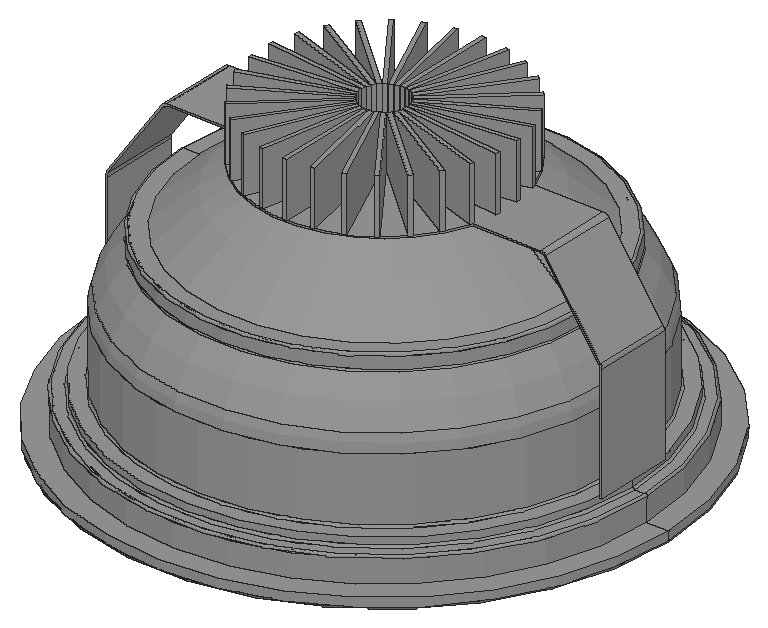
Revit family "ALL3_63_UN_Downlighter_ETK", category Lighting Fixtures, Revit 2017
Family settings
  Round Connector Dimension = Use Diameter
  Part Type = Normal
  OmniClass Number = 23.80.70.11.14.11
  OmniClass Title = Downlights
  Work Plane-Based = No
  Always vertical = Yes
  Cut with Voids When Loaded = No
  Light Source = No
  Shared = No
  Room Calculation Point = Yes
Parameters (values of type "ALL.3100.15 - 28W / 3150lm / 3000K")
  Wattage Comments = "28W"
  Voltage = 230 V
  URL = "https://www.etk.nl/media/wysiwyg/files/ALL.3.pdf"
  Symbol_Waterproof [instance] = no
  Symbol_Emergency Lighting [instance] = no
  Switch Code [instance] = ""
  Model = "ALL.3"
  Manufacturer = "ETK B.V."
  Luminaire_Ring_Material = PPS Plastic
  Luminaire_Body_Material = Aluminum 7175 T73 0 Hot Formed
  Luminaire Code [instance] = ""
  Light Source = ALL.3 - Lightsource : ALL.3100.15 - 28W / 3150lm / 3000K
  Lamp = "LED"
  IfcExportType = "USERDEFINED"
  IfcExportAs = "IfcLightFixtureType"
  Description = "Downlighter"
  Copyright © IVLighting = "www.ivlighting.nl"
  Bundle = "65°"
  Assembly Code = "63.0"
  Apparent Load = 28 VA
Types (17, lengths in mm): name | Wattage Comments | Light Source | Apparent Load
  (no name) | "28W" | ALL.3 - Lightsource : ALL.3100.15 - 28W / 3150lm / 3000K | 28 VA
  ALL.3100.15 - 28W / 3150lm / 3000K | "28W" | ALL.3 - Lightsource : ALL.3100.15 - 28W / 3150lm / 3000K | 28 VA
  ALL.3200.15 - 28W / 3300lm / 4000K | "28W" | ALL.3 - Lightsource : ALL.3200.15 - 28W / 3300lm / 4000K | 28 VA
  ALL.3300.15 - 32W / 3650lm / 3000K | "32W" | ALL.3 - Lightsource : ALL.3300.15 - 32W / 3650lm / 3000K | 32 VA
  ALL.3400.15 - 32W / 3800lm / 3000K | "32W" | ALL.3 - Lightsource : ALL.3400.15 - 32W / 3650lm / 3000K | 32 VA
  ALL.3103.15 - 28W / 3150lm / 3000K | "28W" | ALL.3 - Lightsource : ALL.3103.15 - 28W / 3150lm / 3000K | 28 VA
  ALL.3203.15 - 28W / 3300lm / 4000K | "28W" | ALL.3 - Lightsource : ALL.3203.15 - 28W / 3300lm / 4000K | 28 VA
  ALL.3303.15 - 32W / 3650lm / 3000K | "32W" | ALL.3 - Lightsource : ALL.3303.15 - 32W / 3650lm / 3000K | 32 VA
  ALL.3403.15 - 32W / 3800lm / 3000K | "32W" | ALL.3 - Lightsource : ALL.3403.15 - 32W / 3650lm / 3000K | 32 VA
  ALL.3110.15 - 28W / 3150lm / 3000K | "28W" | ALL.3 - Lightsource : ALL.3110.15 - 28W / 3150lm / 3000K | 28 VA
  ALL.3210.15 - 28W / 3300lm / 4000K | "28W" | ALL.3 - Lightsource : ALL.3210.15 - 28W / 3300lm / 4000K | 28 VA
  ALL.3310.15 - 32W / 3650lm / 3000K | "32W" | ALL.3 - Lightsource : ALL.3310.15 - 32W / 3650lm / 3000K | 32 VA
  ALL.3410.15 - 32W / 3800lm / 3000K | "32W" | ALL.3 - Lightsource : ALL.3410.15 - 32W / 3650lm / 3000K | 32 VA
  ALL.3113.15 - 28W / 3150lm / 3000K | "28W" | ALL.3 - Lightsource : ALL.3113.15 - 28W / 3150lm / 3000K | 28 VA
  ALL.3213.15 - 28W / 3300lm / 4000K | "28W" | ALL.3 - Lightsource : ALL.3213.15 - 28W / 3300lm / 4000K | 28 VA
  ALL.3313.15 - 32W / 3650lm / 3000K | "32W" | ALL.3 - Lightsource : ALL.3313.15 - 32W / 3650lm / 3000K | 32 VA
  ALL.3413.15 - 32W / 3800lm / 3000K | "32W" | ALL.3 - Lightsource : ALL.3413.15 - 32W / 3650lm / 3000K | 32 VA
Reference planes
  plane 1 "Center (Front/Back)": y = 0
  plane 2: z = 0
  plane 3 "Center (Left/Right)": x = 0
Forms (mm)
  Revolve 1, solid, material "PPS Plastic" <- "Luminaire_Ring_Material"
    sketch origin (0, 0, 0) x (1, 0, 0) y (0, 0, 1)
      loop
        line (-132.666, 0) -> (-132.666, -4.099)
        arc (-132.666, -4.099) -> (-132.156, -4.931) -> (-131.236, -5.258) r 1.461
        line (-131.236, -5.258) -> (-121.554, -5.258) -> (-121.554, 0) -> (-132.666, 0)
      axis (0, 0) -> (0, -5.258)
    angle from 0 to 360
  Revolve 2, solid, material "Aluminum 7175 T73 0 Hot Formed" <- "Luminaire_Body_Material"
    sketch origin (0, 0, 0) x (1, 0, 0) y (0, 0, 1)
      loop
        line (-122.495, 0) -> (-121.554, 0) -> (-121.554, 10.593) -> (-114.713, 10.593) -> (-114.713, 14.711) -> (-107.166, 14.711) -> (-107.166, 49.79)
        arc (-107.166, 49.79) -> (-101.579, 62.116) -> (-93.609, 73.052) r 66.418
        line (-93.609, 73.052) -> (-93.609, 79.504) -> (-63.553, 79.504) -> (0, 79.504) -> (0, 80.504) -> (-63.553, 80.504) -> (-93.59, 80.504)
        arc (-93.59, 80.504) -> (-94.311, 80.205) -> (-94.609, 79.484) r 1.02
        line (-94.609, 79.484) -> (-94.609, 73.859)
        arc (-94.609, 73.859) -> (-94.681, 73.463) -> (-94.888, 73.118) r 1.124
        arc (-94.888, 73.118) -> (-101.528, 64.142) -> (-106.596, 54.193) r 67.418
        arc (-106.596, 54.193) -> (-107.77, 50.276) -> (-108.166, 46.205) r 21.103
        line (-108.166, 46.205) -> (-108.166, 16.663)
        arc (-108.166, 16.663) -> (-108.445, 15.989) -> (-109.118, 15.711) r 0.952
        line (-109.118, 15.711) -> (-115.713, 15.711) -> (-115.713, 12.616)
        arc (-115.713, 12.616) -> (-116.012, 11.893) -> (-116.735, 11.593) r 1.022
        line (-116.735, 11.593) -> (-121.45, 11.593)
        arc (-121.45, 11.593) -> (-122.189, 11.287) -> (-122.495, 10.549) r 1.045
        line (-122.495, 10.549) -> (-122.495, 0)
      axis (0, 80.504) -> (0, 0)
    angle from 0 to 360
  Revolve 3, solid, material "Aluminum 7175 T73 0 Hot Formed" <- "Luminaire_Body_Material"
    sketch origin (0, 0, 18.75) x (1, 0, 0) y (0, 0, 1)
      loop
        arc (-46.536, 89.347) -> (-67.697, 77.047) -> (-86.631, 61.535) r 153.298
        line (-86.631, 61.535) -> (0, 61.535) -> (0, 89.347) -> (-46.536, 89.347)
      axis (0, 89.347) -> (0, 61.535)
    angle from 0 to 360
  Extrusion 4, solid, material "Aluminum 7175 T73 0 Hot Formed" <- "Luminaire_Body_Material"
    sketch origin (0, 0, 0) x (1, 0, 0) y (0, 1, 0)
      loop
        circle (0, 0) r 58.042
    from 108.097 to 108.862
  Extrusion 5, solid, material "UHMW, Black"
    sketch origin (0, 0, 216.7) x (-1, 0, 0) y (0, -1, 0)
      loop
        line (-0.938, -10.632) -> (-0.938, -58.031)
        arc (-0.938, -58.031) -> (0, -58.038) -> (0.938, -58.026) r 45
        line (0.938, -58.026) -> (0.938, -10.681)
        arc (0.938, -10.681) -> (0, -10.671) -> (-0.938, -10.632) r 29.304
    from -107.837 to -82.548
  Extrusion 6, solid, material "Aluminum 7175 T73 0 Hot Formed" <- "Luminaire_Body_Material"
    sketch origin (-25, 0, 0.625) x (1, 0, 0) y (0, 0, 1)
      loop
        line (-90.709, 14.711) -> (-89.709, 14.711) -> (-89.709, 68.2)
        arc (-89.709, 68.2) -> (-89.547, 69.256) -> (-89.074, 70.213) r 3.51
        line (-89.074, 70.213) -> (-63.792, 106.32)
        arc (-63.792, 106.32) -> (-62.879, 107.12) -> (-61.7, 107.409) r 2.554
        line (-61.7, 107.409) -> (-23.843, 107.409) -> (-23.843, 108.237) -> (-62.068, 108.237)
        arc (-62.068, 108.237) -> (-63.489, 107.89) -> (-64.589, 106.925) r 3.078
        line (-64.589, 106.925) -> (-90.082, 70.518)
        arc (-90.082, 70.518) -> (-90.549, 69.572) -> (-90.709, 68.529) r 3.468
        line (-90.709, 68.529) -> (-90.709, 14.711)
    from -18.722 to 17.678
  Revolve 7, solid, material "PPS Plastic" <- "Luminaire_Ring_Material"
    sketch origin (0, 0, 0) x (1, 0, 0) y (0, 0, 1)
      loop
        arc (-75.123, 37.812) -> (-99.983, 20.852) -> (-121.572, -0.113) r 175.119
        line (-121.572, -0.113) -> (-121.572, -1.338)
        arc (-121.572, -1.338) -> (-99.943, 19.851) -> (-74.974, 36.978) r 174.319
        line (-74.974, 36.978) -> (0, 36.978) -> (0, 37.812) -> (-75.123, 37.812)
      axis (0, 37.812) -> (0, -1.338)
    angle from 0 to 360
  Revolve 8, solid, material "Glass, White, High Luminance"
    sketch origin (0, 0, 0) x (1, 0, 0) y (0, 0, 1)
      loop
        line (-76.832, 36.069) -> (0, 36.069) -> (0, 36.978) -> (-75.471, 36.978)
        arc (-75.471, 36.978) -> (-76.166, 36.546) -> (-76.832, 36.069) r 12.642
      axis (0, 36.978) -> (0, 35.978)
    angle from 0 to 360
  Revolve 9, solid, material "PPS Plastic" <- "Luminaire_Ring_Material", not visible
    sketch origin (0, 0, 0) x (1, 0, 0) y (0, 0, 1)
      loop
        line (-108.916, 0) -> (-108.916, -4.099)
        arc (-108.916, -4.099) -> (-108.406, -4.931) -> (-107.486, -5.258) r 1.461
        line (-107.486, -5.258) -> (-97.804, -5.258) -> (-97.804, 0) -> (-108.916, 0)
      axis (0, 0) -> (0, -5.258)
    angle from 0 to 360
  Revolve 10, solid, material "Aluminum 7175 T73 0 Hot Formed" <- "Luminaire_Body_Material", not visible
    sketch origin (0, 0, 0) x (1, 0, 0) y (0, 0, 1)
      loop
        line (-98.741, 0) -> (-97.8, 0) -> (-97.8, 10.593) -> (-90.959, 10.593) -> (-90.959, 14.711) -> (-83.412, 14.711) -> (-83.412, 30.415)
        arc (-83.412, 30.415) -> (-77.825, 42.741) -> (-69.855, 53.677) r 66.418
        line (-69.855, 53.677) -> (-69.855, 60.129) -> (-63.553, 60.129) -> (0, 60.129) -> (0, 61.129) -> (-63.553, 61.129) -> (-69.836, 61.129)
        arc (-69.836, 61.129) -> (-70.557, 60.83) -> (-70.855, 60.109) r 1.02
        line (-70.855, 60.109) -> (-70.855, 54.484)
        arc (-70.855, 54.484) -> (-70.927, 54.088) -> (-71.134, 53.743) r 1.124
        arc (-71.134, 53.743) -> (-77.774, 44.767) -> (-82.842, 34.818) r 67.418
        arc (-82.842, 34.818) -> (-84.016, 30.901) -> (-84.412, 26.83) r 21.103
        line (-84.412, 26.83) -> (-84.412, 16.663)
        arc (-84.412, 16.663) -> (-84.691, 15.989) -> (-85.364, 15.711) r 0.952
        line (-85.364, 15.711) -> (-91.959, 15.711) -> (-91.959, 12.616)
        arc (-91.959, 12.616) -> (-92.258, 11.893) -> (-92.981, 11.593) r 1.022
        line (-92.981, 11.593) -> (-97.697, 11.593)
        arc (-97.697, 11.593) -> (-98.435, 11.287) -> (-98.741, 10.549) r 1.045
        line (-98.741, 10.549) -> (-98.741, 0)
      axis (0, 61.129) -> (0, 0)
    angle from 0 to 360
  Revolve 11, solid, material "Aluminum 7175 T73 0 Hot Formed" <- "Luminaire_Body_Material", not visible
    sketch origin (0, 0, 0) x (1, 0, 0) y (0, 0, 1)
      loop
        arc (-36.339, 86.471) -> (-49.965, 76.024) -> (-61.793, 63.579) r 109.701
        arc (-61.793, 63.579) -> (-62.487, 62.326) -> (-62.707, 60.91) r 4.094
        line (-62.707, 60.91) -> (0, 60.91) -> (0, 86.471) -> (-36.339, 86.471)
      axis (0, 86.471) -> (0, 60.91)
    angle from 0 to 360
  Extrusion 12, solid, material "Aluminum 7175 T73 0 Hot Formed" <- "Luminaire_Body_Material", not visible
    sketch origin (0, 0, 0) x (1, 0, 0) y (0, 1, 0)
      loop
        circle (0, 0) r 45
    from 86.471 to 87.3
  Extrusion 13, solid, material "UHMW, Black", not visible
    sketch origin (0, 0, 195.137) x (-1, 0, 0) y (0, -1, 0)
      loop
        line (-0.938, -10.632) -> (-0.938, -44.99)
        arc (-0.938, -44.99) -> (0, -45) -> (0.938, -44.99) r 45
        line (0.938, -44.99) -> (0.938, -10.681)
        arc (0.938, -10.681) -> (0, -10.671) -> (-0.938, -10.632) r 29.304
    from -107.837 to -82.548
  Extrusion 14, solid, material "UHMW, Black", not visible
    sketch origin (0, 0, 195.137) x (-0.978148, -0.207912, 0) y (0.207912, -0.978148, 0)
      loop
        line (-0.938, -10.632) -> (-0.938, -44.99)
        arc (-0.938, -44.99) -> (0, -45) -> (0.938, -44.99) r 45
        line (0.938, -44.99) -> (0.938, -10.681)
        arc (0.938, -10.681) -> (0, -10.671) -> (-0.938, -10.632) r 29.304
    from -107.837 to -82.548
  Extrusion 15, solid, material "UHMW, Black", not visible
    sketch origin (0, 0, 195.137) x (-0.978148, 0.207912, 0) y (-0.207912, -0.978148, 0)
      loop
        line (-0.938, -10.632) -> (-0.938, -44.99)
        arc (-0.938, -44.99) -> (0, -45) -> (0.938, -44.99) r 45
        line (0.938, -44.99) -> (0.938, -10.681)
        arc (0.938, -10.681) -> (0, -10.671) -> (-0.938, -10.632) r 29.304
    from -107.837 to -82.548
  Extrusion 16, solid, material "UHMW, Black", not visible
    sketch origin (0, 0, 195.137) x (-0.913545, 0.406737, 0) y (-0.406737, -0.913545, 0)
      loop
        line (-0.938, -10.632) -> (-0.938, -44.99)
        arc (-0.938, -44.99) -> (0, -45) -> (0.938, -44.99) r 45
        line (0.938, -44.99) -> (0.938, -10.681)
        arc (0.938, -10.681) -> (0, -10.671) -> (-0.938, -10.632) r 29.304
    from -107.837 to -82.548
  Extrusion 17, solid, material "UHMW, Black", not visible
    sketch origin (0, 0, 195.137) x (-0.809017, 0.587785, 0) y (-0.587785, -0.809017, 0)
      loop
        line (-0.938, -10.632) -> (-0.938, -44.99)
        arc (-0.938, -44.99) -> (0, -45) -> (0.938, -44.99) r 45
        line (0.938, -44.99) -> (0.938, -10.681)
        arc (0.938, -10.681) -> (0, -10.671) -> (-0.938, -10.632) r 29.304
    from -107.837 to -82.548
  Extrusion 18, solid, material "UHMW, Black", not visible
    sketch origin (0, 0, 195.137) x (-0.669131, 0.743145, 0) y (-0.743145, -0.669131, 0)
      loop
        line (-0.938, -10.632) -> (-0.938, -44.99)
        arc (-0.938, -44.99) -> (0, -45) -> (0.938, -44.99) r 45
        line (0.938, -44.99) -> (0.938, -10.681)
        arc (0.938, -10.681) -> (0, -10.671) -> (-0.938, -10.632) r 29.304
    from -107.837 to -82.548
  Extrusion 19, solid, material "UHMW, Black", not visible
    sketch origin (0, 0, 195.137) x (-0.5, 0.866025, 0) y (-0.866025, -0.5, 0)
      loop
        line (-0.938, -10.632) -> (-0.938, -44.99)
        arc (-0.938, -44.99) -> (0, -45) -> (0.938, -44.99) r 45
        line (0.938, -44.99) -> (0.938, -10.681)
        arc (0.938, -10.681) -> (0, -10.671) -> (-0.938, -10.632) r 29.304
    from -107.837 to -82.548
  Extrusion 20, solid, material "UHMW, Black", not visible
    sketch origin (0, 0, 195.137) x (-0.309017, 0.951057, 0) y (-0.951057, -0.309017, 0)
      loop
        line (-0.938, -10.632) -> (-0.938, -44.99)
        arc (-0.938, -44.99) -> (0, -45) -> (0.938, -44.99) r 45
        line (0.938, -44.99) -> (0.938, -10.681)
        arc (0.938, -10.681) -> (0, -10.671) -> (-0.938, -10.632) r 29.304
    from -107.837 to -82.548
  Extrusion 21, solid, material "UHMW, Black", not visible
    sketch origin (0, 0, 195.137) x (-0.104528, 0.994522, 0) y (-0.994522, -0.104528, 0)
      loop
        line (-0.938, -10.632) -> (-0.938, -44.99)
        arc (-0.938, -44.99) -> (0, -45) -> (0.938, -44.99) r 45
        line (0.938, -44.99) -> (0.938, -10.681)
        arc (0.938, -10.681) -> (0, -10.671) -> (-0.938, -10.632) r 29.304
    from -107.837 to -82.548
  Extrusion 22, solid, material "UHMW, Black", not visible
    sketch origin (0, 0, 195.137) x (0.104528, 0.994522, 0) y (-0.994522, 0.104528, 0)
      loop
        line (-0.938, -10.632) -> (-0.938, -44.99)
        arc (-0.938, -44.99) -> (0, -45) -> (0.938, -44.99) r 45
        line (0.938, -44.99) -> (0.938, -10.681)
        arc (0.938, -10.681) -> (0, -10.671) -> (-0.938, -10.632) r 29.304
    from -107.837 to -82.548
  Extrusion 23, solid, material "UHMW, Black", not visible
    sketch origin (0, 0, 195.137) x (0.309017, 0.951057, 0) y (-0.951057, 0.309017, 0)
      loop
        line (-0.938, -10.632) -> (-0.938, -44.99)
        arc (-0.938, -44.99) -> (0, -45) -> (0.938, -44.99) r 45
        line (0.938, -44.99) -> (0.938, -10.681)
        arc (0.938, -10.681) -> (0, -10.671) -> (-0.938, -10.632) r 29.304
    from -107.837 to -82.548
  Extrusion 24, solid, material "UHMW, Black", not visible
    sketch origin (0, 0, 195.137) x (0.5, 0.866025, 0) y (-0.866025, 0.5, 0)
      loop
        line (-0.938, -10.632) -> (-0.938, -44.99)
        arc (-0.938, -44.99) -> (0, -45) -> (0.938, -44.99) r 45
        line (0.938, -44.99) -> (0.938, -10.681)
        arc (0.938, -10.681) -> (0, -10.671) -> (-0.938, -10.632) r 29.304
    from -107.837 to -82.548
  Extrusion 25, solid, material "UHMW, Black", not visible
    sketch origin (0, 0, 195.137) x (0.669131, 0.743145, 0) y (-0.743145, 0.669131, 0)
      loop
        line (-0.938, -10.632) -> (-0.938, -44.99)
        arc (-0.938, -44.99) -> (0, -45) -> (0.938, -44.99) r 45
        line (0.938, -44.99) -> (0.938, -10.681)
        arc (0.938, -10.681) -> (0, -10.671) -> (-0.938, -10.632) r 29.304
    from -107.837 to -82.548
  Extrusion 26, solid, material "UHMW, Black", not visible
    sketch origin (0, 0, 195.137) x (0.809017, 0.587785, 0) y (-0.587785, 0.809017, 0)
      loop
        line (-0.938, -10.632) -> (-0.938, -44.99)
        arc (-0.938, -44.99) -> (0, -45) -> (0.938, -44.99) r 45
        line (0.938, -44.99) -> (0.938, -10.681)
        arc (0.938, -10.681) -> (0, -10.671) -> (-0.938, -10.632) r 29.304
    from -107.837 to -82.548
  Extrusion 27, solid, material "UHMW, Black", not visible
    sketch origin (0, 0, 195.137) x (0.913545, 0.406737, 0) y (-0.406737, 0.913545, 0)
      loop
        line (-0.938, -10.632) -> (-0.938, -44.99)
        arc (-0.938, -44.99) -> (0, -45) -> (0.938, -44.99) r 45
        line (0.938, -44.99) -> (0.938, -10.681)
        arc (0.938, -10.681) -> (0, -10.671) -> (-0.938, -10.632) r 29.304
    from -107.837 to -82.548
  Extrusion 28, solid, material "UHMW, Black", not visible
    sketch origin (0, 0, 195.137) x (0.978148, 0.207912, 0) y (-0.207912, 0.978148, 0)
      loop
        line (-0.938, -10.632) -> (-0.938, -44.99)
        arc (-0.938, -44.99) -> (0, -45) -> (0.938, -44.99) r 45
        line (0.938, -44.99) -> (0.938, -10.681)
        arc (0.938, -10.681) -> (0, -10.671) -> (-0.938, -10.632) r 29.304
    from -107.837 to -82.548
  Extrusion 29, solid, material "UHMW, Black", not visible
    sketch origin (0, 0, 195.137) x (1, 0, 0) y (0, 1, 0)
      loop
        line (-0.938, -10.632) -> (-0.938, -44.99)
        arc (-0.938, -44.99) -> (0, -45) -> (0.938, -44.99) r 45
        line (0.938, -44.99) -> (0.938, -10.681)
        arc (0.938, -10.681) -> (0, -10.671) -> (-0.938, -10.632) r 29.304
    from -107.837 to -82.548
  Extrusion 30, solid, material "UHMW, Black", not visible
    sketch origin (0, 0, 195.137) x (0.978148, -0.207912, 0) y (0.207912, 0.978148, 0)
      loop
        line (-0.938, -10.632) -> (-0.938, -44.99)
        arc (-0.938, -44.99) -> (0, -45) -> (0.938, -44.99) r 45
        line (0.938, -44.99) -> (0.938, -10.681)
        arc (0.938, -10.681) -> (0, -10.671) -> (-0.938, -10.632) r 29.304
    from -107.837 to -82.548
  Extrusion 31, solid, material "UHMW, Black", not visible
    sketch origin (0, 0, 195.137) x (0.913545, -0.406737, 0) y (0.406737, 0.913545, 0)
      loop
        line (-0.938, -10.632) -> (-0.938, -44.99)
        arc (-0.938, -44.99) -> (0, -45) -> (0.938, -44.99) r 45
        line (0.938, -44.99) -> (0.938, -10.681)
        arc (0.938, -10.681) -> (0, -10.671) -> (-0.938, -10.632) r 29.304
    from -107.837 to -82.548
  Extrusion 32, solid, material "UHMW, Black", not visible
    sketch origin (0, 0, 195.137) x (0.809017, -0.587785, 0) y (0.587785, 0.809017, 0)
      loop
        line (-0.938, -10.632) -> (-0.938, -44.99)
        arc (-0.938, -44.99) -> (0, -45) -> (0.938, -44.99) r 45
        line (0.938, -44.99) -> (0.938, -10.681)
        arc (0.938, -10.681) -> (0, -10.671) -> (-0.938, -10.632) r 29.304
    from -107.837 to -82.548
  Extrusion 33, solid, material "UHMW, Black", not visible
    sketch origin (0, 0, 195.137) x (0.669131, -0.743145, 0) y (0.743145, 0.669131, 0)
      loop
        line (-0.938, -10.632) -> (-0.938, -44.99)
        arc (-0.938, -44.99) -> (0, -45) -> (0.938, -44.99) r 45
        line (0.938, -44.99) -> (0.938, -10.681)
        arc (0.938, -10.681) -> (0, -10.671) -> (-0.938, -10.632) r 29.304
    from -107.837 to -82.548
  Extrusion 34, solid, material "UHMW, Black", not visible
    sketch origin (0, 0, 195.137) x (0.5, -0.866025, 0) y (0.866025, 0.5, 0)
      loop
        line (-0.938, -10.632) -> (-0.938, -44.99)
        arc (-0.938, -44.99) -> (0, -45) -> (0.938, -44.99) r 45
        line (0.938, -44.99) -> (0.938, -10.681)
        arc (0.938, -10.681) -> (0, -10.671) -> (-0.938, -10.632) r 29.304
    from -107.837 to -82.548
  Extrusion 35, solid, material "UHMW, Black", not visible
    sketch origin (0, 0, 195.137) x (0.309017, -0.951057, 0) y (0.951057, 0.309017, 0)
      loop
        line (-0.938, -10.632) -> (-0.938, -44.99)
        arc (-0.938, -44.99) -> (0, -45) -> (0.938, -44.99) r 45
        line (0.938, -44.99) -> (0.938, -10.681)
        arc (0.938, -10.681) -> (0, -10.671) -> (-0.938, -10.632) r 29.304
    from -107.837 to -82.548
  Extrusion 36, solid, material "UHMW, Black", not visible
    sketch origin (0, 0, 195.137) x (0.104528, -0.994522, 0) y (0.994522, 0.104528, 0)
      loop
        line (-0.938, -10.632) -> (-0.938, -44.99)
        arc (-0.938, -44.99) -> (0, -45) -> (0.938, -44.99) r 45
        line (0.938, -44.99) -> (0.938, -10.681)
        arc (0.938, -10.681) -> (0, -10.671) -> (-0.938, -10.632) r 29.304
    from -107.837 to -82.548
  Extrusion 37, solid, material "UHMW, Black", not visible
    sketch origin (0, 0, 195.137) x (-0.104528, -0.994522, 0) y (0.994522, -0.104528, 0)
      loop
        line (-0.938, -10.632) -> (-0.938, -44.99)
        arc (-0.938, -44.99) -> (0, -45) -> (0.938, -44.99) r 45
        line (0.938, -44.99) -> (0.938, -10.681)
        arc (0.938, -10.681) -> (0, -10.671) -> (-0.938, -10.632) r 29.304
    from -107.837 to -82.548
  Extrusion 38, solid, material "UHMW, Black", not visible
    sketch origin (0, 0, 195.137) x (-0.309017, -0.951057, 0) y (0.951057, -0.309017, 0)
      loop
        line (-0.938, -10.632) -> (-0.938, -44.99)
        arc (-0.938, -44.99) -> (0, -45) -> (0.938, -44.99) r 45
        line (0.938, -44.99) -> (0.938, -10.681)
        arc (0.938, -10.681) -> (0, -10.671) -> (-0.938, -10.632) r 29.304
    from -107.837 to -82.548
  Extrusion 39, solid, material "UHMW, Black", not visible
    sketch origin (0, 0, 195.137) x (-0.5, -0.866025, 0) y (0.866025, -0.5, 0)
      loop
        line (-0.938, -10.632) -> (-0.938, -44.99)
        arc (-0.938, -44.99) -> (0, -45) -> (0.938, -44.99) r 45
        line (0.938, -44.99) -> (0.938, -10.681)
        arc (0.938, -10.681) -> (0, -10.671) -> (-0.938, -10.632) r 29.304
    from -107.837 to -82.548
  Extrusion 40, solid, material "UHMW, Black", not visible
    sketch origin (0, 0, 195.137) x (-0.669131, -0.743145, 0) y (0.743145, -0.669131, 0)
      loop
        line (-0.938, -10.632) -> (-0.938, -44.99)
        arc (-0.938, -44.99) -> (0, -45) -> (0.938, -44.99) r 45
        line (0.938, -44.99) -> (0.938, -10.681)
        arc (0.938, -10.681) -> (0, -10.671) -> (-0.938, -10.632) r 29.304
    from -107.837 to -82.548
  Extrusion 41, solid, material "UHMW, Black", not visible
    sketch origin (0, 0, 195.137) x (-0.809017, -0.587785, 0) y (0.587785, -0.809017, 0)
      loop
        line (-0.938, -10.632) -> (-0.938, -44.99)
        arc (-0.938, -44.99) -> (0, -45) -> (0.938, -44.99) r 45
        line (0.938, -44.99) -> (0.938, -10.681)
        arc (0.938, -10.681) -> (0, -10.671) -> (-0.938, -10.632) r 29.304
    from -107.837 to -82.548
  Extrusion 42, solid, material "UHMW, Black", not visible
    sketch origin (0, 0, 195.137) x (-0.913545, -0.406737, 0) y (0.406737, -0.913545, 0)
      loop
        line (-0.938, -10.632) -> (-0.938, -44.99)
        arc (-0.938, -44.99) -> (0, -45) -> (0.938, -44.99) r 45
        line (0.938, -44.99) -> (0.938, -10.681)
        arc (0.938, -10.681) -> (0, -10.671) -> (-0.938, -10.632) r 29.304
    from -107.837 to -82.548
  Extrusion 43, solid, material "Aluminum 7175 T73 0 Hot Formed" <- "Luminaire_Body_Material", not visible
    sketch origin (0.938, 0, 0) x (1, 0, 0) y (0, 0, 1)
      loop
        line (-90.709, 14.711) -> (-89.709, 14.711) -> (-89.709, 47.263)
        arc (-89.709, 47.263) -> (-89.547, 48.318) -> (-89.074, 49.276) r 3.51
        line (-89.074, 49.276) -> (-63.792, 85.382)
        arc (-63.792, 85.382) -> (-62.879, 86.183) -> (-61.7, 86.471) r 2.554
        line (-61.7, 86.471) -> (-36.836, 86.471) -> (-36.836, 87.3) -> (-62.068, 87.3)
        arc (-62.068, 87.3) -> (-63.489, 86.952) -> (-64.589, 85.988) r 3.078
        line (-64.589, 85.988) -> (-90.082, 49.58)
        arc (-90.082, 49.58) -> (-90.549, 48.634) -> (-90.709, 47.591) r 3.468
        line (-90.709, 47.591) -> (-90.709, 14.711)
    from -18.722 to 17.678
  Extrusion 44, solid, material "Aluminum 7175 T73 0 Hot Formed" <- "Luminaire_Body_Material", not visible
    sketch origin (-0.938, 0, 0) x (-1, 0, 0) y (0, 0, -1)
      loop
        line (-90.709, -14.711) -> (-90.709, -47.591)
        arc (-90.709, -47.591) -> (-90.549, -48.634) -> (-90.082, -49.58) r 3.468
        line (-90.082, -49.58) -> (-64.589, -85.988)
        arc (-64.589, -85.988) -> (-63.489, -86.952) -> (-62.068, -87.3) r 3.078
        line (-62.068, -87.3) -> (-36.836, -87.3) -> (-36.836, -86.471) -> (-61.7, -86.471)
        arc (-61.7, -86.471) -> (-62.879, -86.183) -> (-63.792, -85.382) r 2.554
        line (-63.792, -85.382) -> (-89.074, -49.276)
        arc (-89.074, -49.276) -> (-89.547, -48.318) -> (-89.709, -47.263) r 3.51
        line (-89.709, -47.263) -> (-89.709, -14.711) -> (-90.709, -14.711)
    from -18.722 to 17.678
  Revolve 45, solid, material "PPS Plastic", not visible
    sketch origin (0, 0, 0) x (1, 0, 0) y (0, 0, 1)
      loop
        arc (-61.908, 31.25) -> (-81.159, 16.629) -> (-98.212, -0.504) r 175.119
        line (-98.212, -0.504) -> (-98.212, -1.729)
        arc (-98.212, -1.729) -> (-81.093, 15.622) -> (-61.721, 30.415) r 174.319
        line (-61.721, 30.415) -> (0, 30.415) -> (0, 31.25) -> (-61.908, 31.25)
      axis (0, 31.25) -> (0, -1.729)
    angle from 0 to 360
  Revolve 46, solid, material "Glass, White, High Luminance", not visible
    sketch origin (0, 0, 0) x (1, 0, 0) y (0, 0, 1)
      loop
        line (-63.082, 29.507) -> (0, 29.507) -> (0, 30.415) -> (-61.721, 30.415)
        arc (-61.721, 30.415) -> (-62.416, 29.983) -> (-63.082, 29.507) r 12.642
      axis (0, 30.415) -> (0, 29.415)
    angle from 0 to 360
  Extrusion 47, solid, material "UHMW, Black"
    sketch origin (0, 0, 216.7) x (-0.978148, -0.207912, 0) y (0.207912, -0.978148, 0)
      loop
        line (-0.938, -10.632) -> (-0.938, -58.031)
        arc (-0.938, -58.031) -> (0, -58.038) -> (0.938, -58.026) r 45
        line (0.938, -58.026) -> (0.938, -10.681)
        arc (0.938, -10.681) -> (0, -10.671) -> (-0.938, -10.632) r 29.304
    from -107.837 to -82.548
  Extrusion 48, solid, material "UHMW, Black"
    sketch origin (0, 0, 216.7) x (-0.978148, 0.207912, 0) y (-0.207912, -0.978148, 0)
      loop
        line (-0.938, -10.632) -> (-0.938, -58.031)
        arc (-0.938, -58.031) -> (0, -58.038) -> (0.938, -58.026) r 45
        line (0.938, -58.026) -> (0.938, -10.681)
        arc (0.938, -10.681) -> (0, -10.671) -> (-0.938, -10.632) r 29.304
    from -107.837 to -82.548
  Extrusion 49, solid, material "UHMW, Black"
    sketch origin (0, 0, 216.7) x (-0.913545, 0.406737, 0) y (-0.406737, -0.913545, 0)
      loop
        line (-0.938, -10.632) -> (-0.938, -58.031)
        arc (-0.938, -58.031) -> (0, -58.038) -> (0.938, -58.026) r 45
        line (0.938, -58.026) -> (0.938, -10.681)
        arc (0.938, -10.681) -> (0, -10.671) -> (-0.938, -10.632) r 29.304
    from -107.837 to -82.548
  Extrusion 50, solid, material "UHMW, Black"
    sketch origin (0, 0, 216.7) x (-0.809017, 0.587785, 0) y (-0.587785, -0.809017, 0)
      loop
        line (-0.938, -10.632) -> (-0.938, -58.031)
        arc (-0.938, -58.031) -> (0, -58.038) -> (0.938, -58.026) r 45
        line (0.938, -58.026) -> (0.938, -10.681)
        arc (0.938, -10.681) -> (0, -10.671) -> (-0.938, -10.632) r 29.304
    from -107.837 to -82.548
  Extrusion 51, solid, material "UHMW, Black"
    sketch origin (0, 0, 216.7) x (-0.669131, 0.743145, 0) y (-0.743145, -0.669131, 0)
      loop
        line (-0.938, -10.632) -> (-0.938, -58.031)
        arc (-0.938, -58.031) -> (0, -58.038) -> (0.938, -58.026) r 45
        line (0.938, -58.026) -> (0.938, -10.681)
        arc (0.938, -10.681) -> (0, -10.671) -> (-0.938, -10.632) r 29.304
    from -107.837 to -82.548
  Extrusion 52, solid, material "UHMW, Black"
    sketch origin (0, 0, 216.7) x (-0.5, 0.866025, 0) y (-0.866025, -0.5, 0)
      loop
        line (-0.938, -10.632) -> (-0.938, -58.031)
        arc (-0.938, -58.031) -> (0, -58.038) -> (0.938, -58.026) r 45
        line (0.938, -58.026) -> (0.938, -10.681)
        arc (0.938, -10.681) -> (0, -10.671) -> (-0.938, -10.632) r 29.304
    from -107.837 to -82.548
  Extrusion 53, solid, material "UHMW, Black"
    sketch origin (0, 0, 216.7) x (-0.309017, 0.951057, 0) y (-0.951057, -0.309017, 0)
      loop
        line (-0.938, -10.632) -> (-0.938, -58.031)
        arc (-0.938, -58.031) -> (0, -58.038) -> (0.938, -58.026) r 45
        line (0.938, -58.026) -> (0.938, -10.681)
        arc (0.938, -10.681) -> (0, -10.671) -> (-0.938, -10.632) r 29.304
    from -107.837 to -82.548
  Extrusion 54, solid, material "UHMW, Black"
    sketch origin (0, 0, 216.7) x (-0.104528, 0.994522, 0) y (-0.994522, -0.104528, 0)
      loop
        line (-0.938, -10.632) -> (-0.938, -58.031)
        arc (-0.938, -58.031) -> (0, -58.038) -> (0.938, -58.026) r 45
        line (0.938, -58.026) -> (0.938, -10.681)
        arc (0.938, -10.681) -> (0, -10.671) -> (-0.938, -10.632) r 29.304
    from -107.837 to -82.548
  Extrusion 55, solid, material "UHMW, Black"
    sketch origin (0, 0, 216.7) x (0.104528, 0.994522, 0) y (-0.994522, 0.104528, 0)
      loop
        line (-0.938, -10.632) -> (-0.938, -58.031)
        arc (-0.938, -58.031) -> (0, -58.038) -> (0.938, -58.026) r 45
        line (0.938, -58.026) -> (0.938, -10.681)
        arc (0.938, -10.681) -> (0, -10.671) -> (-0.938, -10.632) r 29.304
    from -107.837 to -82.548
  Extrusion 56, solid, material "UHMW, Black"
    sketch origin (0, 0, 216.7) x (0.309017, 0.951057, 0) y (-0.951057, 0.309017, 0)
      loop
        line (-0.938, -10.632) -> (-0.938, -58.031)
        arc (-0.938, -58.031) -> (0, -58.038) -> (0.938, -58.026) r 45
        line (0.938, -58.026) -> (0.938, -10.681)
        arc (0.938, -10.681) -> (0, -10.671) -> (-0.938, -10.632) r 29.304
    from -107.837 to -82.548
  Extrusion 57, solid, material "UHMW, Black"
    sketch origin (0, 0, 216.7) x (0.5, 0.866025, 0) y (-0.866025, 0.5, 0)
      loop
        line (-0.938, -10.632) -> (-0.938, -58.031)
        arc (-0.938, -58.031) -> (0, -58.038) -> (0.938, -58.026) r 45
        line (0.938, -58.026) -> (0.938, -10.681)
        arc (0.938, -10.681) -> (0, -10.671) -> (-0.938, -10.632) r 29.304
    from -107.837 to -82.548
  Extrusion 58, solid, material "UHMW, Black"
    sketch origin (0, 0, 216.7) x (0.669131, 0.743145, 0) y (-0.743145, 0.669131, 0)
      loop
        line (-0.938, -10.632) -> (-0.938, -58.031)
        arc (-0.938, -58.031) -> (0, -58.038) -> (0.938, -58.026) r 45
        line (0.938, -58.026) -> (0.938, -10.681)
        arc (0.938, -10.681) -> (0, -10.671) -> (-0.938, -10.632) r 29.304
    from -107.837 to -82.548
  Extrusion 59, solid, material "UHMW, Black"
    sketch origin (0, 0, 216.7) x (0.809017, 0.587785, 0) y (-0.587785, 0.809017, 0)
      loop
        line (-0.938, -10.632) -> (-0.938, -58.031)
        arc (-0.938, -58.031) -> (0, -58.038) -> (0.938, -58.026) r 45
        line (0.938, -58.026) -> (0.938, -10.681)
        arc (0.938, -10.681) -> (0, -10.671) -> (-0.938, -10.632) r 29.304
    from -107.837 to -82.548
  Extrusion 60, solid, material "UHMW, Black"
    sketch origin (0, 0, 216.7) x (0.913545, 0.406737, 0) y (-0.406737, 0.913545, 0)
      loop
        line (-0.938, -10.632) -> (-0.938, -58.031)
        arc (-0.938, -58.031) -> (0, -58.038) -> (0.938, -58.026) r 45
        line (0.938, -58.026) -> (0.938, -10.681)
        arc (0.938, -10.681) -> (0, -10.671) -> (-0.938, -10.632) r 29.304
    from -107.837 to -82.548
  Extrusion 61, solid, material "UHMW, Black"
    sketch origin (0, 0, 216.7) x (0.978148, 0.207912, 0) y (-0.207912, 0.978148, 0)
      loop
        line (-0.938, -10.632) -> (-0.938, -58.031)
        arc (-0.938, -58.031) -> (0, -58.038) -> (0.938, -58.026) r 45
        line (0.938, -58.026) -> (0.938, -10.681)
        arc (0.938, -10.681) -> (0, -10.671) -> (-0.938, -10.632) r 29.304
    from -107.837 to -82.548
  Extrusion 62, solid, material "UHMW, Black"
    sketch origin (0, 0, 216.7) x (1, 0, 0) y (0, 1, 0)
      loop
        line (-0.938, -10.632) -> (-0.938, -58.031)
        arc (-0.938, -58.031) -> (0, -58.038) -> (0.938, -58.026) r 45
        line (0.938, -58.026) -> (0.938, -10.681)
        arc (0.938, -10.681) -> (0, -10.671) -> (-0.938, -10.632) r 29.304
    from -107.837 to -82.548
  Extrusion 63, solid, material "UHMW, Black"
    sketch origin (0, 0, 216.7) x (0.978148, -0.207912, 0) y (0.207912, 0.978148, 0)
      loop
        line (-0.938, -10.632) -> (-0.938, -58.031)
        arc (-0.938, -58.031) -> (0, -58.038) -> (0.938, -58.026) r 45
        line (0.938, -58.026) -> (0.938, -10.681)
        arc (0.938, -10.681) -> (0, -10.671) -> (-0.938, -10.632) r 29.304
    from -107.837 to -82.548
  Extrusion 64, solid, material "UHMW, Black"
    sketch origin (0, 0, 216.7) x (0.913545, -0.406737, 0) y (0.406737, 0.913545, 0)
      loop
        line (-0.938, -10.632) -> (-0.938, -58.031)
        arc (-0.938, -58.031) -> (0, -58.038) -> (0.938, -58.026) r 45
        line (0.938, -58.026) -> (0.938, -10.681)
        arc (0.938, -10.681) -> (0, -10.671) -> (-0.938, -10.632) r 29.304
    from -107.837 to -82.548
  Extrusion 65, solid, material "UHMW, Black"
    sketch origin (0, 0, 216.7) x (0.809017, -0.587785, 0) y (0.587785, 0.809017, 0)
      loop
        line (-0.938, -10.632) -> (-0.938, -58.031)
        arc (-0.938, -58.031) -> (0, -58.038) -> (0.938, -58.026) r 45
        line (0.938, -58.026) -> (0.938, -10.681)
        arc (0.938, -10.681) -> (0, -10.671) -> (-0.938, -10.632) r 29.304
    from -107.837 to -82.548
  Extrusion 66, solid, material "UHMW, Black"
    sketch origin (0, 0, 216.7) x (0.669131, -0.743145, 0) y (0.743145, 0.669131, 0)
      loop
        line (-0.938, -10.632) -> (-0.938, -58.031)
        arc (-0.938, -58.031) -> (0, -58.038) -> (0.938, -58.026) r 45
        line (0.938, -58.026) -> (0.938, -10.681)
        arc (0.938, -10.681) -> (0, -10.671) -> (-0.938, -10.632) r 29.304
    from -107.837 to -82.548
  Extrusion 67, solid, material "UHMW, Black"
    sketch origin (0, 0, 216.7) x (0.5, -0.866025, 0) y (0.866025, 0.5, 0)
      loop
        line (-0.938, -10.632) -> (-0.938, -58.031)
        arc (-0.938, -58.031) -> (0, -58.038) -> (0.938, -58.026) r 45
        line (0.938, -58.026) -> (0.938, -10.681)
        arc (0.938, -10.681) -> (0, -10.671) -> (-0.938, -10.632) r 29.304
    from -107.837 to -82.548
  Extrusion 68, solid, material "UHMW, Black"
    sketch origin (0, 0, 216.7) x (0.309017, -0.951057, 0) y (0.951057, 0.309017, 0)
      loop
        line (-0.938, -10.632) -> (-0.938, -58.031)
        arc (-0.938, -58.031) -> (0, -58.038) -> (0.938, -58.026) r 45
        line (0.938, -58.026) -> (0.938, -10.681)
        arc (0.938, -10.681) -> (0, -10.671) -> (-0.938, -10.632) r 29.304
    from -107.837 to -82.548
  Extrusion 69, solid, material "UHMW, Black"
    sketch origin (0, 0, 216.7) x (0.104528, -0.994522, 0) y (0.994522, 0.104528, 0)
      loop
        line (-0.938, -10.632) -> (-0.938, -58.031)
        arc (-0.938, -58.031) -> (0, -58.038) -> (0.938, -58.026) r 45
        line (0.938, -58.026) -> (0.938, -10.681)
        arc (0.938, -10.681) -> (0, -10.671) -> (-0.938, -10.632) r 29.304
    from -107.837 to -82.548
  Extrusion 70, solid, material "UHMW, Black"
    sketch origin (0, 0, 216.7) x (-0.104528, -0.994522, 0) y (0.994522, -0.104528, 0)
      loop
        line (-0.938, -10.632) -> (-0.938, -58.031)
        arc (-0.938, -58.031) -> (0, -58.038) -> (0.938, -58.026) r 45
        line (0.938, -58.026) -> (0.938, -10.681)
        arc (0.938, -10.681) -> (0, -10.671) -> (-0.938, -10.632) r 29.304
    from -107.837 to -82.548
  Extrusion 71, solid, material "UHMW, Black"
    sketch origin (0, 0, 216.7) x (-0.309017, -0.951057, 0) y (0.951057, -0.309017, 0)
      loop
        line (-0.938, -10.632) -> (-0.938, -58.031)
        arc (-0.938, -58.031) -> (0, -58.038) -> (0.938, -58.026) r 45
        line (0.938, -58.026) -> (0.938, -10.681)
        arc (0.938, -10.681) -> (0, -10.671) -> (-0.938, -10.632) r 29.304
    from -107.837 to -82.548
  Extrusion 72, solid, material "UHMW, Black"
    sketch origin (0, 0, 216.7) x (-0.5, -0.866025, 0) y (0.866025, -0.5, 0)
      loop
        line (-0.938, -10.632) -> (-0.938, -58.031)
        arc (-0.938, -58.031) -> (0, -58.038) -> (0.938, -58.026) r 45
        line (0.938, -58.026) -> (0.938, -10.681)
        arc (0.938, -10.681) -> (0, -10.671) -> (-0.938, -10.632) r 29.304
    from -107.837 to -82.548
  Extrusion 73, solid, material "UHMW, Black"
    sketch origin (0, 0, 216.7) x (-0.669131, -0.743145, 0) y (0.743145, -0.669131, 0)
      loop
        line (-0.938, -10.632) -> (-0.938, -58.031)
        arc (-0.938, -58.031) -> (0, -58.038) -> (0.938, -58.026) r 45
        line (0.938, -58.026) -> (0.938, -10.681)
        arc (0.938, -10.681) -> (0, -10.671) -> (-0.938, -10.632) r 29.304
    from -107.837 to -82.548
  Extrusion 74, solid, material "UHMW, Black"
    sketch origin (0, 0, 216.7) x (-0.809017, -0.587785, 0) y (0.587785, -0.809017, 0)
      loop
        line (-0.938, -10.632) -> (-0.938, -58.031)
        arc (-0.938, -58.031) -> (0, -58.038) -> (0.938, -58.026) r 45
        line (0.938, -58.026) -> (0.938, -10.681)
        arc (0.938, -10.681) -> (0, -10.671) -> (-0.938, -10.632) r 29.304
    from -107.837 to -82.548
  Extrusion 75, solid, material "UHMW, Black"
    sketch origin (0, 0, 216.7) x (-0.913545, -0.406737, 0) y (0.406737, -0.913545, 0)
      loop
        line (-0.938, -10.632) -> (-0.938, -58.031)
        arc (-0.938, -58.031) -> (0, -58.038) -> (0.938, -58.026) r 45
        line (0.938, -58.026) -> (0.938, -10.681)
        arc (0.938, -10.681) -> (0, -10.671) -> (-0.938, -10.632) r 29.304
    from -107.837 to -82.548
  Extrusion 76, solid, material "Aluminum 7175 T73 0 Hot Formed" <- "Luminaire_Body_Material"
    sketch origin (0, 0, 0) x (1, 0, 0) y (0, 1, 0)
      loop
        circle (0, 0) r 58.139
    from 108.034 to 108.862
  Extrusion 77, solid, material "Aluminum 7175 T73 0 Hot Formed" <- "Luminaire_Body_Material"
    sketch origin (25, 0, 0.625) x (-1, 0, 0) y (0, 0, -1)
      loop
        line (-90.709, -14.711) -> (-90.709, -68.529)
        arc (-90.709, -68.529) -> (-90.549, -69.572) -> (-90.082, -70.518) r 3.468
        line (-90.082, -70.518) -> (-64.589, -106.925)
        arc (-64.589, -106.925) -> (-63.489, -107.89) -> (-62.068, -108.237) r 3.078
        line (-62.068, -108.237) -> (-23.843, -108.237) -> (-23.843, -107.409) -> (-61.7, -107.409)
        arc (-61.7, -107.409) -> (-62.879, -107.12) -> (-63.792, -106.32) r 2.554
        line (-63.792, -106.32) -> (-89.074, -70.213)
        arc (-89.074, -70.213) -> (-89.547, -69.256) -> (-89.709, -68.2) r 3.51
        line (-89.709, -68.2) -> (-89.709, -14.711) -> (-90.709, -14.711)
    from -18.722 to 17.678
Cuts and joins
  joined: Extrusion 4, Extrusion 6, Extrusion 76, Extrusion 77
Dimensions and locks
  aligned and locked: level to plane 2
Nested families
  nested 1: "ALL.3 Light_Symbol_IVL" at (0, 0, 0), type "Lighting Fixture - Round"
  nested 2: "ALL.3 - Lightsource" at (0, 0, 0), type <- "Light Source", type "ALL.3100.15 - 28W / 3150lm / 3000K"
Connectors
  electrical at (0, 0.522, 108.034), driven by "Apparent Load", driven by "Voltage"
    settings: on cut or joined group of Extrusion 4, Extrusion 6, Extrusion 76, Extrusion 77, index 1, voltage 230 V, apparent load 0 VA, apparent load phase1 28 VA, apparent load phase2 0 VA, apparent load phase3 0 VA, power factor 1, load classification "Lighting", number of poles 1, system type 31, power factor state 1, is connector primary yes, connector utility no, sub classification motor no, connector description ""
Definition of nested family "ALL.3 Light_Symbol_IVL"
  Parameters (values of type "Lighting Fixture - Round")
    Waterproof = no
    Lighting Fixture = yes
    Emergency Lighting = no
  Types (3, lengths in mm): name | Waterproof | Emergency Lighting
    Lighting Fixture - Round | no | no
    Lighting Fixture Round - Emergency Lighting | no | yes
    Lighting Fixture Round - Waterproof | yes | no
  Reference planes
    plane 1: y = 0
    plane 2: x = 0
  Lines and regions (mm)
    Filled region 1, type "Emergency Lighting", visible <- "Waterproof"
      outline origin (5.15, 1.04, 0) x (1, 0, 0) y (0, 1, 0)
        loop
          arc (-6.446, -1.34) -> (-5.15, -2.37) -> (-3.854, -1.34) r 1.33
          line (-3.854, -1.34) -> (-6.446, -1.34)
    Filled region 2, type "Emergency Lighting", visible <- "Emergency Lighting"
      outline origin (-5.15, 1.04, 0) x (0, 1, 0) y (-1, 0, 0)
        loop
          line (-1.04, -5.15) -> (-1.981, -6.09)
          arc (-1.981, -6.09) -> (-1.04, -6.48) -> (-0.1, -6.09) r 1.33
          line (-0.1, -6.09) -> (-1.04, -5.15)
    Filled region 3, type "Emergency Lighting", visible <- "Emergency Lighting"
      outline origin (5.15, 1.04, 0) x (1, 0, 0) y (0, 1, 0)
        loop
          line (-5.15, -1.04) -> (-6.09, -0.1)
          arc (-6.09, -0.1) -> (-6.48, -1.04) -> (-6.09, -1.981) r 1.33
          line (-6.09, -1.981) -> (-5.15, -1.04)
    detail lines, visible <- "Lighting Fixture"
      curve 1: circle (0, 0, 0) r 1.33 normal (0, 0, 1)
    detail lines, not visible
      curve 2: line (1.296, -0.3, 0) -> (-1.296, -0.3, 0)
    detail lines, visible <- "Waterproof"
      curve 3: circle (0, 0, 0) r 1.33 normal (0, 0, 1)
    detail lines, visible <- "Emergency Lighting"
      curve 4: circle (0, 0, 0) r 1.33 normal (0, 0, 1)
Definition of nested family "ALL.3 - Lightsource"
  Parameters (values of type "ALL.3213.15 - 28W / 3300lm / 4000K")
    Wattage Comments = "28W"
    Wattage = 22.2159 W
    built-in parameter 1150110 = 1 (stored number, unit not read)
    URL = "https://www.etk.nl/?___store=en&___from_store=nl"
    built-in parameter 1114217 = 1 (stored number, unit not read)
    Tilt Angle = 90.00°
    built-in parameter 1150109 = 1 (stored number, unit not read)
    built-in parameter 1150134 = 12
    built-in parameter 1150113 = 1 (stored number, unit not read)
    Photometric Web File = "ALL.3213.15-U1_LDT.ies"
    Model = "ALL.3"
    Manufacturer = "ETK B.V."
    built-in parameter 1150105 = 803.1 (stored number, unit not read)
    Lumens = 3300 lm
    built-in parameter 1150115 = 1 (stored number, unit not read)
    built-in parameter 1150137 = (empty or 0)
    built-in parameter 1150139 = (empty or 0)
    built-in parameter 1150112 = 1 (stored number, unit not read)
    built-in parameter 1150114 = 1 (stored number, unit not read)
    Lamp = "LED"
    built-in parameter 1150132 = 2
    built-in parameter 1150102 = (empty or 0)
    built-in parameter 1150107 = 4000 (stored number, unit not read)
    built-in parameter 1150138 = (empty or 0)
    built-in parameter 1150106 = 8.031 (stored number, unit not read)
    built-in parameter 1150104 = 13.8 (stored number, unit not read)
    Dimming Lamp Color Temperature Shift = (empty or 0)
    Description = "Light sources"
    Copyright © IVLighting = "www.ivlighting.nl"
    Color Filter = 16777215
    Bundle = "65°"
    built-in parameter 1114218 = 1 (stored number, unit not read)
    built-in parameter 1150133 = 10 (stored number, unit not read)
    Assembly Code = "63.0"
    Apparent Load = 28 VA
  Types (16, lengths in mm): name | Wattage Comments | Wattage | built-in parameter 1150134 | Photometric Web File | built-in parameter 1150105 | Lumens | built-in parameter 1150107 | built-in parameter 1150106 | Apparent Load
    ALL.3100.15 - 28W / 3150lm / 3000K | "28W" | 21.2061 W | (empty or 0) | "ALL.3100.15-U1_LDT.ies" | 766.6 (stored number, unit not read) | 3150 lm | 3000 (stored number, unit not read) | 7.666 (stored number, unit not read) | 28 VA
    ALL.3200.15 - 28W / 3300lm / 4000K | "28W" | 22.2159 W | 12 | "ALL.3200.15-U1_LDT.ies" | 803.1 (stored number, unit not read) | 3300 lm | 4000 (stored number, unit not read) | 8.031 (stored number, unit not read) | 28 VA
    ALL.3300.15 - 32W / 3650lm / 3000K | "32W" | 24.5722 W | (empty or 0) | "ALL.3300.15-U1_LDT.ies" | 847.91 (stored number, unit not read) | 3650 lm | 3000 (stored number, unit not read) | 8.4791 (stored number, unit not read) | 32 VA
    ALL.3400.15 - 32W / 3650lm / 3000K | "32W" | 24.5722 W | (empty or 0) | "ALL.3400.15-U1_LDT.ies" | 847.91 (stored number, unit not read) | 3650 lm | 3000 (stored number, unit not read) | 8.4791 (stored number, unit not read) | 32 VA
    ALL.3103.15 - 28W / 3150lm / 3000K | "28W" | 21.2061 W | (empty or 0) | "ALL.3103.15-U1_LDT.ies" | 766.6 (stored number, unit not read) | 3150 lm | 3000 (stored number, unit not read) | 7.666 (stored number, unit not read) | 28 VA
    ALL.3203.15 - 28W / 3300lm / 4000K | "28W" | 22.2159 W | 12 | "ALL.3203.15-U1_LDT.ies" | 803.1 (stored number, unit not read) | 3300 lm | 4000 (stored number, unit not read) | 8.031 (stored number, unit not read) | 28 VA
    ALL.3303.15 - 32W / 3650lm / 3000K | "32W" | 24.5722 W | (empty or 0) | "ALL.3303.15-U1_LDT.ies" | 847.91 (stored number, unit not read) | 3650 lm | 3000 (stored number, unit not read) | 8.4791 (stored number, unit not read) | 32 VA
    ALL.3403.15 - 32W / 3650lm / 3000K | "32W" | 24.5722 W | (empty or 0) | "ALL.3403.15-U1_LDT.ies" | 847.91 (stored number, unit not read) | 3650 lm | 3000 (stored number, unit not read) | 8.4791 (stored number, unit not read) | 32 VA
    ALL.3110.15 - 28W / 3150lm / 3000K | "28W" | 21.2061 W | (empty or 0) | "ALL.3110.15-U1_LDT.ies" | 766.6 (stored number, unit not read) | 3150 lm | 3000 (stored number, unit not read) | 7.666 (stored number, unit not read) | 28 VA
    ALL.3210.15 - 28W / 3300lm / 4000K | "28W" | 22.2159 W | 12 | "ALL.3210.15-U1_LDT.ies" | 803.1 (stored number, unit not read) | 3300 lm | 4000 (stored number, unit not read) | 8.031 (stored number, unit not read) | 28 VA
    ALL.3310.15 - 32W / 3650lm / 3000K | "32W" | 24.5722 W | (empty or 0) | "ALL.3310.15-U1_LDT.ies" | 847.91 (stored number, unit not read) | 3650 lm | 3000 (stored number, unit not read) | 8.4791 (stored number, unit not read) | 32 VA
    ALL.3410.15 - 32W / 3650lm / 3000K | "32W" | 24.5722 W | (empty or 0) | "ALL.3410.15-U1_LDT.ies" | 847.91 (stored number, unit not read) | 3650 lm | 3000 (stored number, unit not read) | 8.4791 (stored number, unit not read) | 32 VA
    ALL.3113.15 - 28W / 3150lm / 3000K | "28W" | 21.2061 W | (empty or 0) | "ALL.3113.15-U1_LDT.ies" | 766.6 (stored number, unit not read) | 3150 lm | 3000 (stored number, unit not read) | 7.666 (stored number, unit not read) | 28 VA
    ALL.3213.15 - 28W / 3300lm / 4000K | "28W" | 22.2159 W | 12 | "ALL.3213.15-U1_LDT.ies" | 803.1 (stored number, unit not read) | 3300 lm | 4000 (stored number, unit not read) | 8.031 (stored number, unit not read) | 28 VA
    ALL.3313.15 - 32W / 3650lm / 3000K | "32W" | 24.5722 W | (empty or 0) | "ALL.3313.15-U1_LDT.ies" | 847.91 (stored number, unit not read) | 3650 lm | 3000 (stored number, unit not read) | 8.4791 (stored number, unit not read) | 32 VA
    ALL.3413.15 - 32W / 3650lm / 3000K | "32W" | 24.5722 W | (empty or 0) | "ALL.3413.15-U1_LDT.ies" | 847.91 (stored number, unit not read) | 3650 lm | 3000 (stored number, unit not read) | 8.4791 (stored number, unit not read) | 32 VA
  Reference planes
    plane 1 "Center (Front/Back)": y = 0
    plane 2: z = 0
    plane 3 "Center (Left/Right)": x = 0
  Dimensions and locks
    aligned and locked: level to plane 2
